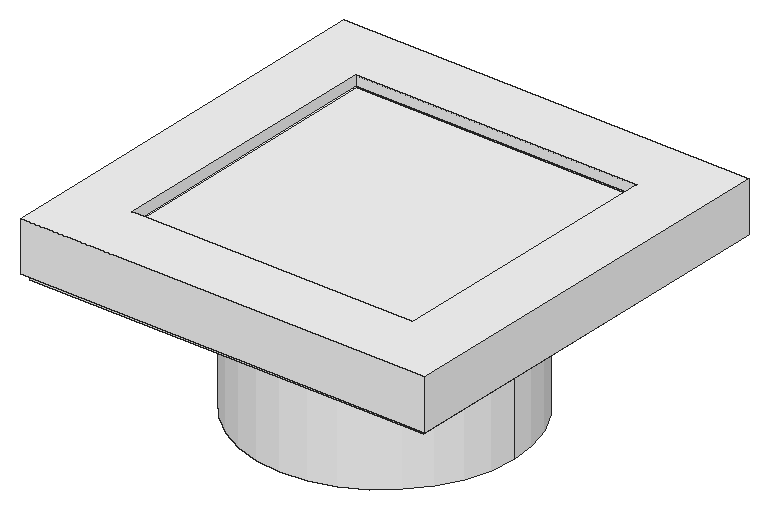
Revit family "Gira_2832600", category Electrical Fixtures, host Face, Revit 2017
Family settings
  Host = Face
  Maintain Annotation Orientation = Yes
  Round Connector Dimension = Use Diameter
  Part Type = Normal
  Cut with Voids When Loaded = No
  Shared = No
  Room Calculation Point = No
Parameters (values of type "Wippschalter BS 3f AusWe System 55 Edelstahl(lack.)")
  Zusammenstellung = "Basiselement mit Adapterplatte"
  White [instance] = White
  Werkstoffgüte = "sonstige"
  Werkstoff = "sonstige"
  Waschmaschinenschalter = "No"
  URL = "http://katalog.gira.de/de_DE/datenblatt.html?artikelnr=2832600"
  Textfeld/Beschriftungsfläche = "nein"
  Tastschalter = "No"
  Schaltungsart = "Wechselschalter"
  Rückmeldekontakt = "No"
  Region = "DE"
  Oberfläche = "sonstige"
  Nennspannung = "250 Volt"
  Name = "Wippschalter BS 3f AusWe System 55 Edelstahl(lack.)"
  Montageart = "unter Putz"
  Model = "Sys55_Komplettgerät_Schalten und Tasten"
  Mit Montageplatte = "No"
  Manufacturer URL = "https://www.gira.de/"
  HeinzeBIM = "https://bimportal.heinze.de/bim/wippschalter-bs-3f-auswe-system-55-edelstahl-lack-/dc9721c8d1866dace942d34dc2529ec19d9c90f4"
  Halogenfrei = "Yes"
  HAN = "2832600"
  Geeignet für Schutzart (IP) = "IP20"
  GTIN = "4010337022053"
  Farbe = "edelstahl"
  Default Elevation = 1219.2 mm
  Data sheet (1) = "https://katalog.gira.de/de_DE/download.html?artikelnr=2832600"
  Category = "Installationsschalter"
  Bemessungsstrom = "10 Ampere"
  Beleuchtung = "nein"
  Befestigungsart = "Krallen-/Schraubbefestigung"
  Bedienungsart = "Wippe/Taste"
  Available = "Yes"
  Anzahl der Module (bei Modulbauweise) = "1 "
  Anzahl der Betätigungswippen = "3 "
  Anschlussart = "Schraubklemme"
Reference planes
  plane 1 "Center (Front/Back)": y = 0
  plane 2: z = 0
  plane 3 "Center (Left/Right)": x = 0
Forms (mm)
  Extrusion 1, solid, material "White" <- "White", detail levels medium
    sketch origin (0, 0, 0) x (1, 0, 0) y (0, 1, 0)
      loop
        line (-40.4, 40.4) -> (-40.4, -40.4) -> (40.4, -40.4) -> (40.4, 40.4) -> (-40.4, 40.4)
      loop
        line (-28, 28) -> (-28, -28) -> (28, -28) -> (28, 28) -> (-28, 28)
    from 0 to 10
  Extrusion 2, solid, material "White" <- "White", detail levels fine
    sketch origin (0, 0, 0) x (1, 0, 0) y (0, 1, 0)
      loop
        line (-40.4, 40.4) -> (-40.4, -40.4) -> (40.4, -40.4) -> (40.4, 40.4) -> (-40.4, 40.4)
      loop
        line (-28, 28) -> (-28, -28) -> (28, -28) -> (28, 28) -> (-28, 28)
    from 0 to 10
  Extrusion 3, void
    sketch origin (0, 0, 0) x (1, 0, 0) y (0, 1, 0)
      loop
        line (-38.4, 38.4) -> (-38.4, -38.4) -> (38.4, -38.4) -> (38.4, 38.4) -> (-38.4, 38.4)
    from 0 to 8
  Extrusion 4, solid, material "White" <- "White", detail levels medium+fine
    sketch origin (0, 0, 0) x (1, 0, 0) y (0, 1, 0)
      loop
        line (-39.4, 39.4) -> (-39.4, -39.4) -> (39.4, -39.4) -> (39.4, 39.4) -> (-39.4, 39.4)
    from 0 to -1
  Extrusion 5, solid, material "White" <- "White", detail levels medium+fine
    sketch origin (0, 0, 0) x (1, 0, 0) y (0, 1, 0)
      loop
        line (-35.5, 35.5) -> (-35.5, -35.5) -> (35.5, -35.5) -> (35.5, 35.5) -> (-35.5, 35.5)
    from -2 to -3
  Extrusion 6, solid, material "White" <- "White", detail levels medium+fine
    sketch origin (0, 0, 0) x (1, 0, 0) y (0, 1, 0)
      loop
        circle (0, 0) r 26
    from 0 to -27.5
  Extrusion 7, solid, material "White" <- "White", detail levels coarse
    sketch origin (0, 0, 0) x (1, 0, 0) y (0, 1, 0)
      loop
        line (-40.4, 40.4) -> (-40.4, -40.4) -> (40.4, -40.4) -> (40.4, 40.4) -> (-40.4, 40.4)
    from -27.5 to 10
Cuts and joins
  Extrusion 3 cuts Extrusion 2
Dimensions and locks
  aligned and locked: plane 2 to host face
  aligned and locked: level to host face
  aligned and locked: plane 3 "Center (Left/Right)" to nested 2
  aligned and locked: plane 1 "Center (Front/Back)" to nested 2
Nested families
  nested 1: "Sys55_Abdeckung_Schalten und Tasten_floor_base" at (0, 0, 0), type "Sys55_Abdeckung_Schalten und Tasten_floor_base"
  nested 2: "Schalter" at (0, 0, 0), type "Schalter"
Connectors
  electrical at (0, 0, -27.5)
    settings: on Extrusion 6, index 1, voltage 220 V, apparent load 0 VA, apparent load phase1 0 VA, apparent load phase2 0 VA, apparent load phase3 0 VA, power factor 1, load classification "Other", number of poles 1, system type 30, power factor state 1, is connector primary yes, connector utility no, sub classification motor no, connector description ""
Definition of nested family "Sys55_Abdeckung_Schalten und Tasten_floor_base"
  Parameters
    Default Elevation = 1219.2 mm
    White [instance] = none
  Reference planes
    plane 1 "Center (Front/Back)": y = 0
    plane 2: z = 0
    plane 3 "Center (Left/Right)": x = 0
  Forms (mm)
    Extrusion 1, solid
      sketch origin (0, 0, 0) x (1, 0, 0) y (0, 1, 0)
        loop
          line (-1219.2, 1219.2) -> (-1219.2, -1219.2) -> (1219.2, -1219.2) -> (1219.2, 1219.2) -> (-1219.2, 1219.2)
      from 0 to -304.8
    Extrusion 2, solid, material <- "White", detail levels fine
      sketch origin (0, 0, 0) x (1, 0, 0) y (0, 1, 0)
        loop
          line (-27.5, 27.5) -> (-27.5, -27.5) -> (27.5, -27.5) -> (27.5, 27.5) -> (-27.5, 27.5)
      from 0 to 8
    Extrusion 3, void
      sketch origin (0, 0, 0) x (1, 0, 0) y (0, 1, 0)
        loop
          line (26, 26) -> (-26, 26) -> (-26, -26) -> (26, -26) -> (26, 26)
      from 0 to 6
    Extrusion 4, solid, material <- "White", detail levels medium
      sketch origin (0, 0, 0) x (1, 0, 0) y (0, 1, 0)
        loop
          line (-27.5, 27.5) -> (-27.5, -27.5) -> (27.5, -27.5) -> (27.5, 27.5) -> (-27.5, 27.5)
      from 0 to 8
    Extrusion 5, solid, material <- "White", detail levels medium
      sketch origin (0, 0, 0) x (1, 0, 0) y (0, 1, 0)
        loop
          line (11, -17.5) -> (11, 17.5) -> (-11, 17.5) -> (-11, -17.5) -> (11, -17.5)
      from -6 to 6
    Extrusion 6, solid, material <- "White", detail levels fine
      sketch origin (0, 0, 0) x (1, 0, 0) y (0, 1, 0)
        loop
          line (11, 17.5) -> (-11, 17.5) -> (-11, 16.5) -> (11, 16.5) -> (11, 17.5)
        loop
          line (-11, -16.5) -> (-11, -17.5) -> (11, -17.5) -> (11, -16.5) -> (-11, -16.5)
      from -4 to 6
    Extrusion 7, solid, material <- "White", detail levels fine
      sketch origin (0, 0, 0) x (1, 0, 0) y (0, 1, 0)
        loop
          arc (5, 9.347) -> (0, 10.6) -> (-5, 9.347) r 10.6
          line (-5, 9.347) -> (-5, -9.347)
          arc (-5, -9.347) -> (0, -10.6) -> (5, -9.347) r 10.6
          line (5, -9.347) -> (5, 9.347)
      from -6 to 6
    Extrusion 8, solid, material <- "White", detail levels coarse
      sketch origin (0, 0, 0) x (1, 0, 0) y (0, 1, 0)
        loop
          line (-27.5, 27.5) -> (-27.5, -27.5) -> (27.5, -27.5) -> (27.5, 27.5) -> (-27.5, 27.5)
      from -6 to 8
  Cuts and joins
    Extrusion 3 cuts Extrusion 2
  Dimensions and locks
    aligned and locked: plane 2 to Extrusion 1
    aligned and locked: level to Extrusion 1
Definition of nested family "Schalter"
  Reference planes
    plane 1: y = 0
    plane 2: x = 0
  Lines and regions (mm)
    detail lines
      curve 1: circle (1.375, 2.778, 0) r 0.8 normal (0, 0, 1)
      curve 2: line (1.021, 2.061, 0) -> (0, 0, 0)
      curve 3: line (0, 0, 0) -> (-0.538, 0.266, 0)
  Dimensions and locks
    curve 2 to curve 2 = 2.3 mm
    curve 3 to curve 2 = 0.6 mm
    radius of curve 1 = 0.8 mm
